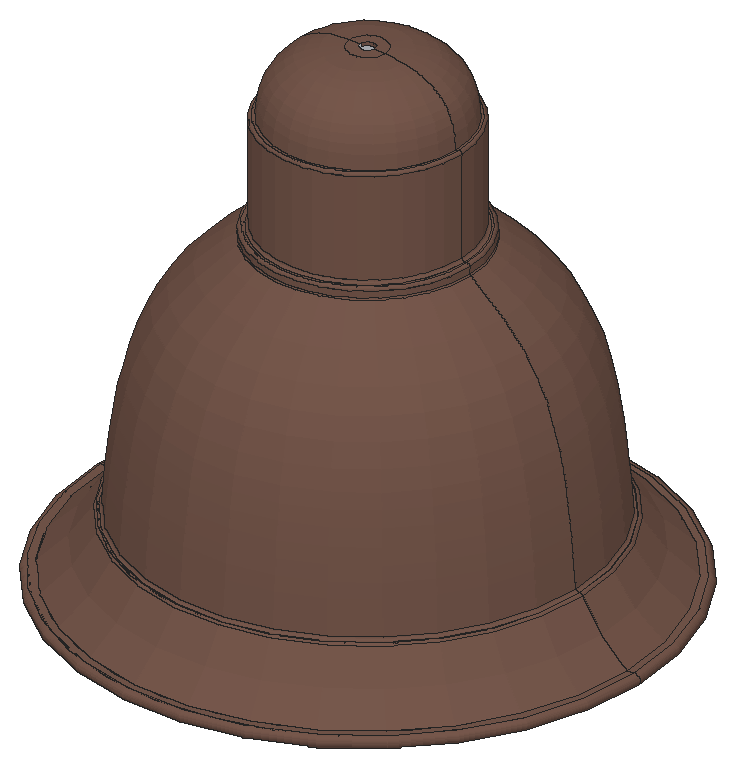
Revit family "RE20 SHADE", category Lighting Fixtures, Revit 2024
Family settings
  Round Connector Dimension = Use Diameter
  Part Type = Normal
  OmniClass Number = 23.80.70.00
  OmniClass Title = Lighting
  Work Plane-Based = No
  Always vertical = Yes
  Cut with Voids When Loaded = No
  Light Source = Yes
  Maintain Annotation Orientation = No
  Shared = No
  Room Calculation Point = No
Parameters
  Wattage = 12.1178 W
  built-in parameter 1150110 = 1 (stored number, unit not read)
  built-in parameter 1114217 = 1 (stored number, unit not read)
  built-in parameter 1150109 = 1 (stored number, unit not read)
  built-in parameter 1150134 = (empty or 0)
  built-in parameter 1150113 = 1 (stored number, unit not read)
  Lumens = 1800 lm
  built-in parameter 1150115 = 1 (stored number, unit not read)
  built-in parameter 1150105 = 572.96 (stored number, unit not read)
  Light Source Symbol Size = 2' - 0"
  built-in parameter 1150137 = (empty or 0)
  built-in parameter 1150139 = (empty or 0)
  built-in parameter 1150112 = 1 (stored number, unit not read)
  built-in parameter 1150114 = 1 (stored number, unit not read)
  built-in parameter 1150132 = 2
  built-in parameter 1150102 = (empty or 0)
  built-in parameter 1150138 = (empty or 0)
  built-in parameter 1150107 = 3000 (stored number, unit not read)
  built-in parameter 1150106 = 5.7296 (stored number, unit not read)
  built-in parameter 1150104 = 13.8 (stored number, unit not read)
  Dimming Lamp Color Temperature Shift = (empty or 0)
  Default Elevation = 0' - 0"
  Color Filter = 16777215
  built-in parameter 1114218 = 1 (stored number, unit not read)
  built-in parameter 1150133 = 10 (stored number, unit not read)
Reference planes (in)
  plane 1 "Light Source Axis (F/B)": y = 0
  plane 2: z = 0
  plane 3 "Light Source Axis (L/R)": x = 0
  plane 4 "Light Source Elevation": z = 84
Forms (in)
  Revolve 1, solid
    sketch origin (0, 0, 0) x (1, 0, 0) y (0, 0, 1)
      loop
        arc (-9.61646, 84.20912) -> (-8.59488, 85.11163) -> (-7.79852, 86.21795) r 6.11715
        line (-7.79852, 86.21795) -> (-7.7444, 86.21795)
        arc (-7.7444, 86.21795) -> (-7.60788, 86.27323) -> (-7.54828, 86.40793) r 0.19621
        spline (-7.54828, 86.40793) -> (-7.43846, 87.80946) -> (-7.35331, 88.57769) -> (-7.24701, 89.33435) -> (-7.11271, 90.10943) -> (-6.96415, 90.78913) -> (-6.73458, 91.53356) -> (-6.43862, 92.27045) -> (-6.09607, 92.91597) -> (-5.67832, 93.49677) -> (-5.09187, 94.1331) -> (-4.37117, 94.77644) -> (-3.75016, 95.24794)
        arc (-3.75016, 95.24794) -> (-3.68513, 95.31304) -> (-3.65625, 95.4004) r 0.19943
        line (-3.65625, 95.4004) -> (-3.65625, 95.63032) -> (-3.55, 95.63032)
        arc (-3.55, 95.63032) -> (-3.413, 95.68707) -> (-3.35625, 95.82407) r 0.19375
        line (-3.35625, 95.82407) -> (-3.35625, 99.23032) -> (-3.16045, 99.23032)
        spline (-3.16045, 99.23032) -> (-3.11811, 99.70856) -> (-3.05553, 99.98372) -> (-2.95077, 100.25332) -> (-2.84702, 100.44394) -> (-2.68871, 100.64576) -> (-2.46934, 100.86083) -> (-2.25917, 101.03208) -> (-2.06537, 101.14955) -> (-1.81315, 101.26036) -> (-1.56008, 101.34772) -> (-1.20402, 101.42864) -> (-0.65786, 101.48272)
        line (-0.65786, 101.48272) -> (-0.25, 101.48272) -> (-0.25, 101.57647) -> (-0.65786, 101.57647)
        spline (-0.65786, 101.57647) -> (-1.2096, 101.53252) -> (-1.56984, 101.45783) -> (-1.82864, 101.37406) -> (-2.08611, 101.26672) -> (-2.29179, 101.14729) -> (-2.50808, 100.97792) -> (-2.73539, 100.76332) -> (-2.90291, 100.55787) -> (-3.01606, 100.3594) -> (-3.12809, 100.08657) -> (-3.19809, 99.80411) -> (-3.25, 99.32407)
        line (-3.25, 99.32407) -> (-3.35, 99.32407)
        arc (-3.35, 99.32407) -> (-3.42071, 99.29478) -> (-3.45, 99.22407) r 0.1
        line (-3.45, 99.22407) -> (-3.45, 95.82407)
        arc (-3.45, 95.82407) -> (-3.47929, 95.75336) -> (-3.55, 95.72407) r 0.1
        line (-3.55, 95.72407) -> (-3.65, 95.72407)
        arc (-3.65, 95.72407) -> (-3.72071, 95.69478) -> (-3.75, 95.62407) r 0.1
        line (-3.75, 95.62407) -> (-3.75, 95.4051)
        arc (-3.75, 95.4051) -> (-3.75916, 95.37297) -> (-3.77788, 95.34531) r 0.10568
        spline (-3.77788, 95.34531) -> (-4.38805, 94.8871) -> (-5.12178, 94.23803) -> (-5.72671, 93.58817) -> (-6.15986, 92.99349) -> (-6.5117, 92.33793) -> (-6.8144, 91.59084) -> (-7.05002, 90.83301) -> (-7.20193, 90.14329) -> (-7.33762, 89.36294) -> (-7.44533, 88.59835) -> (-7.53154, 87.82232) -> (-7.64194, 86.41417)
        arc (-7.64194, 86.41417) -> (-7.67195, 86.34171) -> (-7.7444, 86.3117) r 0.10246
        line (-7.7444, 86.3117) -> (-7.79796, 86.3117)
        arc (-7.79796, 86.3117) -> (-7.84855, 86.29406) -> (-7.88525, 86.25502) r 0.1125
        arc (-7.88525, 86.25502) -> (-8.61183, 85.23339) -> (-9.53415, 84.38429) r 6.0234
        line (-9.53415, 84.38429) -> (-9.80786, 84.38429)
        arc (-9.80786, 84.38429) -> (-9.93758, 84.0504) -> (-9.61646, 84.20912) r 0.19214
      axis (0, 101.57647) -> (0, 84.20912)
    angle from 0 to 360
Dimensions and locks (in)
  aligned and locked: plane 3 "Light Source Axis (L/R)" to imposter light
  aligned and locked: plane 1 "Light Source Axis (F/B)" to imposter light
  aligned and locked: plane 4 "Light Source Elevation" to imposter light
  aligned and locked: level to plane 2
